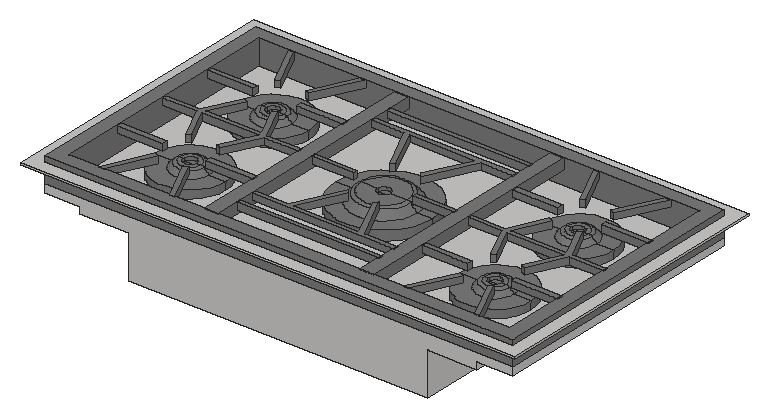
Revit family "VG491211CA", category Generic Models, Revit 2014
Parameters (values of type "VG491211CA")
  Width = 908 mm
  URL = "http://www.gaggenau.com."
  Support = Black
  Model = "VG491211CA"
  Manufacturer = "Gaggenau"
  Height = 141 mm
  Unit = Metal Panel
  Description = "Gaggenau Vario 400 series gas cooktop, 5 burners, natural gas"
  Depth = 535 mm
  Burner = Black
Reference planes
  plane 1 "Center (Front/Back)": y = 0
  plane 2: z = 0
  plane 3 "Center (Left/Right)": x = 0
  plane 4: x = -454
  plane 5: x = 454
  plane 6: y = 267.5
  plane 7: y = -267.5
  plane 8: z = 141
  plane 9: z = 137.75
Forms (mm)
  Extrusion 1, solid, material "Metal Panel" <- "Unit"
    sketch origin (0, 0, 0) x (1, 0, 0) y (0, 1, 0)
      loop
        line (-454, 267.5) -> (-454, -267.5) -> (454, -267.5) -> (454, 267.5) -> (-454, 267.5)
      loop
        line (-429, 242.5) -> (-429, -242.5) -> (429, -242.5) -> (429, 242.5) -> (-429, 242.5)
    from 137.75 to 141
  Extrusion 2, solid, material "Black" <- "Support"
    sketch origin (0, 0, 0) x (1, 0, 0) y (0, 1, 0)
      loop
        line (-429, 242.5) -> (-429, -242.5) -> (429, -242.5) -> (429, 242.5) -> (-429, 242.5)
      loop
        line (-405, 218.5) -> (-405, -218.5) -> (404.97, -218.5) -> (404.97, 218.5) -> (-405, 218.5)
    from 104.665 to 149.914
  Revolve 3, solid, material "Black" <- "Burner"
    sketch origin (-25, 95, 0) x (1, 0, 0) y (0, 0, 1)
      loop
        line (-255, 104.665) -> (-255, 125.068) -> (-266.952, 125.068) -> (-266.952, 129.665) -> (-274.563, 129.665)
        arc (-274.563, 129.665) -> (-277.854, 129.01) -> (-280.644, 127.146) r 8.6
        line (-280.644, 127.146) -> (-288.732, 119.058) -> (-320.607, 119.058) -> (-320.607, 104.665) -> (-255, 104.665)
      axis (-255, 129.665) -> (-255, 104.665)
    angle from 0 to 360
  Revolve 4, solid, material "Black" <- "Burner"
    sketch origin (-25, -95, 0) x (1, 0, 0) y (0, 0, -1)
      loop
        line (-255, -104.665) -> (-320.607, -104.665) -> (-320.607, -119.058) -> (-288.732, -119.058) -> (-280.644, -127.146)
        arc (-280.644, -127.146) -> (-277.854, -129.01) -> (-274.563, -129.665) r 8.6
        line (-274.563, -129.665) -> (-266.952, -129.665) -> (-266.952, -125.068) -> (-255, -125.068) -> (-255, -104.665)
      axis (-255, -129.665) -> (-255, -104.665)
    angle from 0 to 360
  Revolve 5, solid, material "Black" <- "Burner"
    sketch origin (25, 95, 0) x (-1, 0, 0) y (0, 0, -1)
      loop
        line (-255, -104.665) -> (-320.607, -104.665) -> (-320.607, -119.058) -> (-288.732, -119.058) -> (-280.644, -127.146)
        arc (-280.644, -127.146) -> (-277.854, -129.01) -> (-274.563, -129.665) r 8.6
        line (-274.563, -129.665) -> (-266.952, -129.665) -> (-266.952, -125.068) -> (-255, -125.068) -> (-255, -104.665)
      axis (-255, -129.665) -> (-255, -104.665)
    angle from 0 to 360
  Revolve 6, solid, material "Black" <- "Burner"
    sketch origin (25, -95, 0) x (-1, 0, 0) y (0, 0, 1)
      loop
        line (-255, 104.665) -> (-255, 125.068) -> (-266.952, 125.068) -> (-266.952, 129.665) -> (-274.563, 129.665)
        arc (-274.563, 129.665) -> (-277.854, 129.01) -> (-280.644, 127.146) r 8.6
        line (-280.644, 127.146) -> (-288.732, 119.058) -> (-320.607, 119.058) -> (-320.607, 104.665) -> (-255, 104.665)
      axis (-255, 129.665) -> (-255, 104.665)
    angle from 0 to 360
  Revolve 7, solid, material "Black" <- "Burner"
    sketch origin (255, 0, 6.875) x (1, 0, 0) y (0, 0, 1)
      loop
        line (-255, 97.461) -> (-255, 125.068) -> (-266.952, 125.068) -> (-266.952, 129.665) -> (-297.063, 129.665)
        arc (-297.063, 129.665) -> (-300.354, 129.01) -> (-303.144, 127.146) r 8.6
        line (-303.144, 127.146) -> (-315.468, 114.822) -> (-343.107, 114.822) -> (-343.107, 97.461) -> (-255, 97.461)
      axis (-255, 129.665) -> (-255, 97.461)
    angle from 0 to 360
  Extrusion 8, solid, material "Black" <- "Support"
    sketch origin (0, 0, 0) x (1, 0, 0) y (0, 1, 0)
      loop
        line (-155.391, 218.5) -> (-155.391, -218.5) -> (-130.493, -218.5) -> (-130.493, 218.5) -> (-155.391, 218.5)
      loop
        line (155.391, 218.5) -> (130.493, 218.5) -> (130.493, -218.5) -> (155.391, -218.5) -> (155.391, 218.5)
    from 129.665 to 149.914
  Extrusion 9, solid, material "Black" <- "Support"
    sketch origin (0, 0, 0) x (1, 0, 0) y (0, 1, 0)
      loop
        line (-405, 109.113) -> (-405, 99.113) -> (-320, 99.113) -> (-320, 109.113) -> (-405, 109.113)
      loop
        line (-155, 109.113) -> (-240, 109.113) -> (-240, 99.113) -> (-155, 99.113) -> (-155, 109.113)
      loop
        line (-311.091, 137.734) -> (-303.013, 141.674) -> (-340.483, 218.5) -> (-350.483, 218.5) -> (-311.091, 137.734)
      loop
        line (-248.909, 137.734) -> (-209.517, 218.5) -> (-219.517, 218.5) -> (-256.987, 141.674) -> (-248.909, 137.734)
      loop
        line (-311.091, 67.266) -> (-341.818, 4.266) -> (-405, 4.266) -> (-405, -3.674) -> (-341.818, -3.674) -> (-311.091, -66.674) -> (-303.013, -62.734) -> (-331.818, -3.674) -> (-228.182, -3.674) -> (-256.987, -62.734) -> (-248.909, -66.674) -> (-218.182, -3.674) -> (-155.391, -3.674) -> (-155.391, 4.266) -> (-218.182, 4.266) -> (-248.909, 67.266) -> (-256.987, 63.326) -> (-228.182, 4.266) -> (-331.818, 4.266) -> (-303.013, 63.326) -> (-311.091, 67.266)
      loop
        line (-405, -108.521) -> (-320, -108.521) -> (-320, -98.521) -> (-405, -98.521) -> (-405, -108.521)
      loop
        line (-155, -108.521) -> (-155, -98.521) -> (-240, -98.521) -> (-240, -108.521) -> (-155, -108.521)
      loop
        line (-311.091, -137.142) -> (-350.483, -217.908) -> (-340.483, -217.908) -> (-303.013, -141.082) -> (-311.091, -137.142)
      loop
        line (-248.909, -137.142) -> (-256.987, -141.082) -> (-219.517, -217.908) -> (-209.517, -217.908) -> (-248.909, -137.142)
      loop
        line (405, 109.113) -> (320, 109.113) -> (320, 99.113) -> (405, 99.113) -> (405, 109.113)
      loop
        line (155, 109.113) -> (155, 99.113) -> (240, 99.113) -> (240, 109.113) -> (155, 109.113)
      loop
        line (311.091, 137.734) -> (350.483, 218.5) -> (340.483, 218.5) -> (303.013, 141.674) -> (311.091, 137.734)
      loop
        line (248.909, 137.734) -> (256.987, 141.674) -> (219.517, 218.5) -> (209.517, 218.5) -> (248.909, 137.734)
      loop
        line (311.091, 67.266) -> (303.013, 63.326) -> (331.818, 4.266) -> (228.182, 4.266) -> (256.987, 63.326) -> (248.909, 67.266) -> (218.182, 4.266) -> (155.391, 4.266) -> (155.391, -3.674) -> (218.182, -3.674) -> (248.909, -66.674) -> (256.987, -62.734) -> (228.182, -3.674) -> (331.818, -3.674) -> (303.013, -62.734) -> (311.091, -66.674) -> (341.818, -3.674) -> (405, -3.674) -> (405, 4.266) -> (341.818, 4.266) -> (311.091, 67.266)
      loop
        line (405, -108.521) -> (405, -98.521) -> (320, -98.521) -> (320, -108.521) -> (405, -108.521)
      loop
        line (155, -108.521) -> (240, -108.521) -> (240, -98.521) -> (155, -98.521) -> (155, -108.521)
      loop
        line (311.091, -137.142) -> (303.013, -141.082) -> (340.483, -217.908) -> (350.483, -217.908) -> (311.091, -137.142)
      loop
        line (248.909, -137.142) -> (209.517, -217.908) -> (219.517, -217.908) -> (256.987, -141.082) -> (248.909, -137.142)
      loop
        line (-130.493, 176.114) -> (-130.493, 167.71) -> (130.493, 167.71) -> (130.493, 176.114) -> (-130.493, 176.114)
      loop
        line (-130.493, -176.114) -> (130.493, -176.114) -> (130.493, -167.71) -> (-130.493, -167.71) -> (-130.493, -176.114)
      loop
        line (-130.493, 141.114) -> (-130.493, 132.71) -> (-70.493, 132.71) -> (-29.203, 48.054) -> (-22.132, 55.125) -> (-59.973, 132.71) -> (59.973, 132.71) -> (22.132, 55.125) -> (29.203, 48.054) -> (70.493, 132.71) -> (130.493, 132.71) -> (130.493, 141.114) -> (-130.493, 141.114)
      loop
        line (-130.493, 4.266) -> (-130.493, -3.674) -> (-53.364, -3.674) -> (-53.364, 4.266) -> (-130.493, 4.266)
      loop
        line (130.493, 4.266) -> (55.864, 4.266) -> (55.864, -3.674) -> (130.493, -3.674) -> (130.493, 4.266)
      loop
        line (-130.493, -141.114) -> (130.493, -141.114) -> (130.493, -132.71) -> (70.493, -132.71) -> (29.203, -48.054) -> (22.132, -55.125) -> (59.973, -132.71) -> (-59.973, -132.71) -> (-22.132, -55.125) -> (-29.203, -48.054) -> (-70.493, -132.71) -> (-130.493, -132.71) -> (-130.493, -141.114)
    from 137.75 to 149.914
  Extrusion 10, solid, material "Metal Panel" <- "Unit"
    sketch origin (0, 0, 0) x (1, 0, 0) y (0, 0, 1)
      loop
        line (-429, 104.665) -> (-429, 90.25) -> (-364, 90.25) -> (-364, 77.75) -> (-274, 77.75) -> (-274, 0) -> (274, 0) -> (274, 77.75) -> (364, 77.75) -> (364, 90.25) -> (429, 90.25) -> (429, 104.665) -> (-429, 104.665)
    from -242.5 to 242.5
Dimensions and locks
  equal spacing: plane 4, plane 3 "Center (Left/Right)", plane 5
  equal spacing: plane 6, plane 1 "Center (Front/Back)", plane 7
  "Width": plane 4 to plane 5
  "Depth": plane 6 to plane 7
  "Height": plane 8 to plane 2
  plane 8 to plane 9 = 3.25 mm
  aligned and locked: level to plane 2
Automatic sketch dimensions
  Extrusion 1 sketch curve to plane 4 = 0 mm
  Extrusion 1 sketch curve to plane 5 = 0 mm
  plane 7 to Extrusion 1 sketch curve = 0 mm
  Extrusion 1 sketch curve to plane 6 = 0 mm
  plane 4 to Extrusion 1 sketch curve = 25 mm
  plane 5 to Extrusion 1 sketch curve = 25 mm
  Extrusion 1 sketch curve to plane 7 = 25 mm
  Extrusion 1 sketch curve to plane 6 = 25 mm
  plane 4 to Extrusion 2 sketch curve = 25 mm
  Extrusion 2 sketch curve to Extrusion 2 sketch curve = 24 mm  (x2)
  plane 5 to Extrusion 2 sketch curve = 49.03 mm
  plane 5 to Extrusion 2 sketch curve = 25 mm
  Extrusion 2 sketch curve to plane 7 = 25 mm
  Extrusion 2 sketch curve to plane 6 = 49 mm
  Extrusion 2 sketch curve to plane 6 = 25 mm
  Revolve 3 sketch curve to plane 9 = 33.085 mm
  plane 4 to Revolve 3 sketch curve = 108.393 mm
  Revolve 3 sketch curve to plane 9 = 18.692 mm
  Revolve 3 sketch curve to Revolve 3 sketch curve = 31.875 mm
  Revolve 3 sketch curve to plane 9 = 10.604 mm
  Revolve 3 sketch curve to Revolve 3 sketch curve = 8.088 mm
  Revolve 3 sketch curve to Revolve 3 sketch curve = 6.081 mm  (x2)
  Revolve 3 sketch curve to Revolve 3 sketch curve = 7.611 mm
  Revolve 3 sketch curve to Revolve 3 sketch curve = 11.952 mm
  Revolve 3 sketch curve to plane 9 = 12.682 mm
  Revolve 3 sketch curve to Revolve 3 sketch curve = 0 mm
  Revolve 3 sketch curve to Revolve 3 sketch curve = 5.484 mm
  Revolve 3 sketch curve to Revolve 3 sketch curve = 7.016 mm
  Revolve 4 sketch curve to plane 9 = 33.085 mm
  plane 4 to Revolve 4 sketch curve = 108.393 mm
  Revolve 4 sketch curve to plane 9 = 18.692 mm
  Revolve 4 sketch curve to Revolve 4 sketch curve = 31.875 mm
  Revolve 4 sketch curve to plane 9 = 10.604 mm
  Revolve 4 sketch curve to Revolve 4 sketch curve = 8.088 mm
  Revolve 4 sketch curve to Revolve 4 sketch curve = 6.081 mm
  Revolve 4 sketch curve to Revolve 4 sketch curve = 7.611 mm
  Revolve 4 sketch curve to Revolve 4 sketch curve = 11.952 mm
  Revolve 4 sketch curve to Revolve 4 sketch curve = 2.519 mm
  Revolve 4 sketch curve to plane 9 = 12.682 mm
  Revolve 4 sketch curve to Revolve 4 sketch curve = 0 mm
  Revolve 4 sketch curve to Revolve 4 sketch curve = 7.903 mm
  Revolve 4 sketch curve to Revolve 4 sketch curve = 5.484 mm
  Revolve 5 sketch curve to plane 9 = 33.085 mm
  plane 5 to Revolve 5 sketch curve = 108.393 mm
  Revolve 5 sketch curve to plane 9 = 18.692 mm
  Revolve 5 sketch curve to Revolve 5 sketch curve = 31.875 mm
  Revolve 5 sketch curve to plane 9 = 10.604 mm
  Revolve 5 sketch curve to Revolve 5 sketch curve = 8.088 mm
  Revolve 5 sketch curve to Revolve 5 sketch curve = 6.081 mm
  Revolve 5 sketch curve to Revolve 5 sketch curve = 7.611 mm
  Revolve 5 sketch curve to Revolve 5 sketch curve = 11.952 mm
  Revolve 5 sketch curve to Revolve 5 sketch curve = 2.519 mm
  Revolve 5 sketch curve to plane 9 = 12.682 mm
  Revolve 5 sketch curve to Revolve 5 sketch curve = 0 mm
  Revolve 5 sketch curve to Revolve 5 sketch curve = 7.903 mm
  Revolve 5 sketch curve to Revolve 5 sketch curve = 5.484 mm
  Revolve 6 sketch curve to plane 9 = 33.085 mm
  plane 5 to Revolve 6 sketch curve = 108.393 mm
  Revolve 6 sketch curve to plane 9 = 18.692 mm
  Revolve 6 sketch curve to Revolve 6 sketch curve = 31.875 mm
  Revolve 6 sketch curve to plane 9 = 10.604 mm
  Revolve 6 sketch curve to Revolve 6 sketch curve = 8.088 mm
  Revolve 6 sketch curve to Revolve 6 sketch curve = 6.081 mm  (x2)
  Revolve 6 sketch curve to Revolve 6 sketch curve = 7.611 mm
  Revolve 6 sketch curve to Revolve 6 sketch curve = 11.952 mm
  Revolve 6 sketch curve to plane 9 = 12.682 mm
  Revolve 6 sketch curve to Revolve 6 sketch curve = 0 mm
  Revolve 6 sketch curve to Revolve 6 sketch curve = 5.484 mm
  Revolve 6 sketch curve to Revolve 6 sketch curve = 7.016 mm
  Revolve 7 sketch curve to plane 3 "Center (Left/Right)" = 0 mm  (x2)
  Revolve 7 sketch curve to plane 3 "Center (Left/Right)" = 11.952 mm
  Revolve 7 sketch curve to Revolve 7 sketch curve = 30.111 mm
  Revolve 7 sketch curve to plane 9 = 3.729 mm
  Revolve 7 sketch curve to Revolve 7 sketch curve = 6.081 mm  (x2)
  Revolve 7 sketch curve to Revolve 7 sketch curve = 12.324 mm  (x2)
  Revolve 7 sketch curve to Revolve 7 sketch curve = 27.639 mm
  Revolve 7 sketch curve to plane 9 = 5.807 mm
  Revolve 7 sketch curve to Revolve 7 sketch curve = 17.361 mm
  Revolve 7 sketch curve to Revolve 7 sketch curve = 7.903 mm
  Revolve 7 sketch curve to Revolve 7 sketch curve = 12.688 mm
  Extrusion 8 sketch curve to plane 7 = 49 mm  (x2)
  Extrusion 8 sketch curve to plane 3 "Center (Left/Right)" = 155.391 mm
  Extrusion 8 sketch curve to Extrusion 8 sketch curve = 24.898 mm  (x2)
  plane 3 "Center (Left/Right)" to Extrusion 8 sketch curve = 130.493 mm
  Extrusion 8 sketch curve to plane 6 = 49 mm  (x2)
  plane 4 to Extrusion 9 sketch curve = 49 mm  (x3)
  plane 1 "Center (Front/Back)" to Extrusion 9 sketch curve = 3.674 mm  (x8)
  Extrusion 9 sketch curve to plane 6 = 49 mm  (x2)
  plane 4 to Extrusion 9 sketch curve = 103.517 mm  (x2)
  Extrusion 9 sketch curve to plane 7 = 49.592 mm  (x4)
  Extrusion 9 sketch curve to Extrusion 9 sketch curve = 63.182 mm
  Extrusion 9 sketch curve to Extrusion 9 sketch curve = 0 mm  (x13)
  Extrusion 9 sketch curve to Extrusion 9 sketch curve = 10 mm  (x18)
  Extrusion 9 sketch curve to plane 1 "Center (Front/Back)" = 4.266 mm  (x7)
  Extrusion 9 sketch curve to Extrusion 9 sketch curve = 85 mm  (x6)
  plane 1 "Center (Front/Back)" to Extrusion 9 sketch curve = 66.674 mm  (x4)
  Extrusion 9 sketch curve to Extrusion 9 sketch curve = 8.909 mm  (x12)
  Extrusion 9 sketch curve to plane 1 "Center (Front/Back)" = 67.266 mm  (x4)
  Extrusion 9 sketch curve to plane 6 = 125.826 mm  (x2)
  Extrusion 9 sketch curve to plane 1 "Center (Front/Back)" = 63.326 mm
  Extrusion 9 sketch curve to plane 7 = 126.418 mm  (x2)
  Extrusion 9 sketch curve to Extrusion 9 sketch curve = 46.025 mm  (x8)
  Extrusion 9 sketch curve to Extrusion 9 sketch curve = 8.078 mm  (x8)
  Extrusion 9 sketch curve to Extrusion 9 sketch curve = 28.806 mm  (x2)
  Extrusion 9 sketch curve to Extrusion 9 sketch curve = 37.471 mm  (x4)
  Extrusion 9 sketch curve to Extrusion 9 sketch curve = 62.791 mm  (x2)
  Extrusion 9 sketch curve to Extrusion 9 sketch curve = 24.507 mm  (x5)
  Extrusion 9 sketch curve to Extrusion 9 sketch curve = 24.898 mm  (x2)
  Extrusion 9 sketch curve to Extrusion 9 sketch curve = 60 mm  (x2)
  Extrusion 9 sketch curve to Extrusion 9 sketch curve = 10.52 mm  (x4)
  Extrusion 9 sketch curve to plane 3 "Center (Left/Right)" = 53.364 mm
  Extrusion 9 sketch curve to plane 3 "Center (Left/Right)" = 29.203 mm  (x2)
  Extrusion 9 sketch curve to Extrusion 9 sketch curve = 7.071 mm  (x8)
  plane 3 "Center (Left/Right)" to Extrusion 9 sketch curve = 22.132 mm  (x2)
  Extrusion 9 sketch curve to Extrusion 9 sketch curve = 26.661 mm
  Extrusion 9 sketch curve to Extrusion 9 sketch curve = 74.629 mm
  plane 3 "Center (Left/Right)" to Extrusion 9 sketch curve = 130.493 mm
  Extrusion 9 sketch curve to Extrusion 9 sketch curve = 79.023 mm  (x2)
  plane 5 to Extrusion 9 sketch curve = 49 mm  (x3)
  Extrusion 9 sketch curve to Extrusion 9 sketch curve = 41.793 mm
  Extrusion 9 sketch curve to Extrusion 9 sketch curve = 8.404 mm  (x5)
  Extrusion 9 sketch curve to Extrusion 9 sketch curve = 26.596 mm  (x2)
  Extrusion 9 sketch curve to Extrusion 9 sketch curve = 28.621 mm  (x5)
  Extrusion 9 sketch curve to Extrusion 9 sketch curve = 24.19 mm
  plane 1 "Center (Front/Back)" to Extrusion 9 sketch curve = 55.125 mm
  Extrusion 9 sketch curve to plane 1 "Center (Front/Back)" = 48.054 mm  (x2)
  Extrusion 9 sketch curve to Extrusion 9 sketch curve = 31.847 mm  (x2)
  Extrusion 9 sketch curve to Extrusion 9 sketch curve = 94.847 mm  (x2)
  Extrusion 9 sketch curve to Extrusion 9 sketch curve = 77.586 mm
  plane 3 "Center (Left/Right)" to Extrusion 9 sketch curve = 59.973 mm  (x2)
  Extrusion 9 sketch curve to Extrusion 9 sketch curve = 23.597 mm
  Extrusion 10 sketch curve to level = 0 mm
  plane 4 to Extrusion 10 sketch curve = 25 mm
  Extrusion 10 sketch curve to Extrusion 10 sketch curve = 65 mm
  Extrusion 10 sketch curve to Extrusion 10 sketch curve = 90 mm
  plane 5 to Extrusion 10 sketch curve = 180 mm
  plane 5 to Extrusion 10 sketch curve = 90 mm
  plane 5 to Extrusion 10 sketch curve = 25 mm
  Extrusion 10 sketch curve to plane 9 = 60 mm  (x2)
  Extrusion 10 sketch curve to Extrusion 10 sketch curve = 12.5 mm
  Extrusion 10 sketch curve to plane 9 = 47.5 mm
  Extrusion 10 sketch curve to Extrusion 10 sketch curve = 14.415 mm
